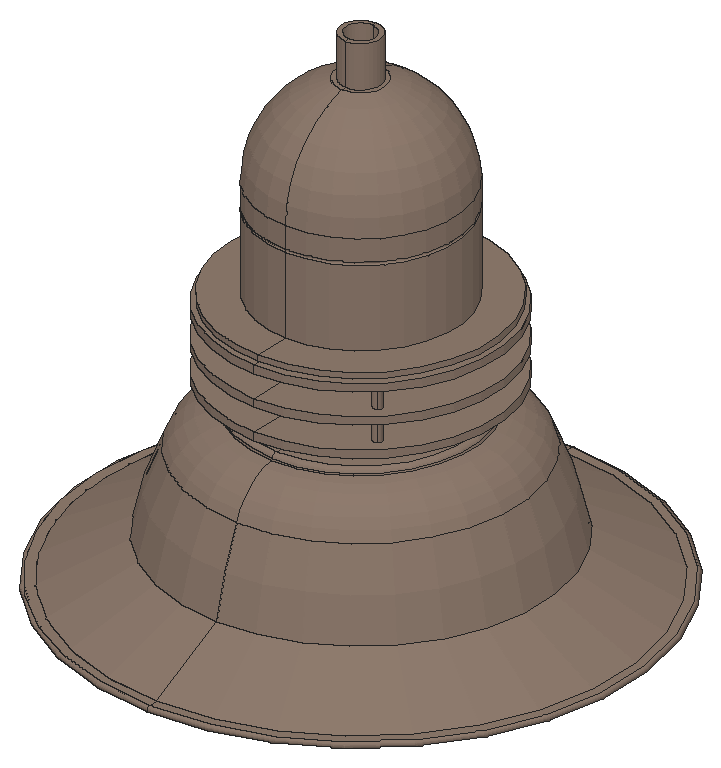
Revit family "BVB3007", category Generic Models, Revit 2014
Parameters
  GLASS = Glass
  FNS = Bronze, Architectural
  DETAIL = Bronze, Architectural
  BELL = Bronze, Architectural
Reference planes (in)
  plane 1 "Center (Front/Back)": y = 0
  plane 2: z = 0
  plane 3 "Center (Left/Right)": x = 0
Forms (in)
  Revolve 1, solid, material "Bronze, Architectural" <- "BELL"
    sketch origin (0, 0, 0) x (0, -1, 0) y (0, 0, 1)
      loop
        line (-1.0625, 27.75966) -> (-1.0625, 25.44612) -> (-0.8125, 25.44612) -> (-0.8125, 27.75966) -> (-1.0625, 27.75966)
      axis (0, 27.75966) -> (0, 25.44612)
    angle from 0 to 360
  Revolve 2, solid, material "Bronze, Architectural" <- "BELL"
    sketch origin (0, 0, 0) x (0, -1, 0) y (0, 0, 1)
      loop
        arc (-5.92201, 9.21506) -> (-6.10931, 9.15268) -> (-6.22181, 8.99045) r 0.31237
        line (-6.22181, 8.99045) -> (-6.2475, 8.90269)
        arc (-6.2475, 8.90269) -> (-7.7727, 8.2268) -> (-8.7465, 6.87225) r 3.18273
        arc (-8.7465, 6.87225) -> (-9.60248, 4.73485) -> (-10.15219, 2.499) r 16.47791
        line (-10.15219, 2.499) -> (-14.33651, 0.31237) -> (-14.83781, 0.31237)
        arc (-14.83781, 0.31237) -> (-14.994, 0.15619) -> (-14.83781, 0) r 0.15619
        line (-14.83781, 0) -> (-14.28149, 0.23535) -> (-10.06763, 2.43741)
        arc (-10.06763, 2.43741) -> (-9.51963, 4.68621) -> (-8.66021, 6.83534) r 16.38416
        arc (-8.66021, 6.83534) -> (-7.69212, 8.17132) -> (-6.17448, 8.81845) r 3.08898
        line (-6.17448, 8.81845) -> (-6.13183, 8.96411)
        arc (-6.13183, 8.96411) -> (-6.0531, 9.07765) -> (-5.92201, 9.12131) r 0.21862
        line (-5.92201, 9.12131) -> (-4.17201, 9.12131) -> (-4.17201, 9.21506) -> (-5.92201, 9.21506)
      axis (0, 9.21506) -> (0, 0)
    angle from 0 to 360
  Revolve 3, solid, material "Bronze, Architectural" <- "BELL"
    sketch origin (0, 0, 0) x (0, -1, 0) y (0, 0, 1)
      loop
        arc (-1.32759, 25.44612) -> (-4.19822, 23.5563) -> (-5.31037, 20.30437) r 5.31037
        line (-5.31037, 20.30437) -> (-5.31037, 19.13297)
        arc (-5.31037, 19.13297) -> (-5.26218, 19.05487) -> (-5.31037, 18.97678) r 0.08737
        line (-5.31037, 18.97678) -> (-5.31037, 14.68162) -> (-7.26272, 14.68162) -> (-7.26272, 14.36925) -> (-4.46662, 14.36925) -> (-4.46662, 14.68162) -> (-5.21662, 14.68162) -> (-5.21662, 18.93185)
        arc (-5.21662, 18.93185) -> (-5.16843, 19.05487) -> (-5.21662, 19.1779) r 0.18112
        line (-5.21662, 19.1779) -> (-5.21662, 20.30437)
        arc (-5.21662, 20.30437) -> (-4.12773, 23.4942) -> (-1.31563, 25.35237) r 5.21662
        line (-1.31563, 25.35237) -> (-0.32759, 25.35237) -> (-0.32759, 25.44612) -> (-1.32759, 25.44612)
      axis (0, 25.44612) -> (0, 14.36925)
    angle from 0 to 360
  Revolve 4, solid, material "Glass" <- "GLASS"
    sketch origin (0, 0, 0) x (0, -1, 0) y (0, 0, 1)
      loop
        line (-5.03314, 9.21506) -> (-4.90814, 9.21506) -> (-4.90814, 14.36925) -> (-5.03314, 14.36925) -> (-5.03314, 9.21506)
      axis (0, 14.36925) -> (0, 9.21506)
    angle from 0 to 360
  Revolve 5, solid, material "Bronze, Architectural" <- "DETAIL"
    sketch origin (0, 6.59799, 0) x (0, -1, 0) y (0, 0, 1)
      loop
        line (0, 13.82259) -> (0, 10.89408) -> (0.23428, 10.89408) -> (0.23428, 13.82259) -> (0, 13.82259)
      axis (0, 13.82259) -> (0, 10.89408)
    angle from 0 to 360
  Revolve 6, solid, material "Bronze, Architectural" <- "FNS"
    sketch origin (0, 0, 0) x (0, -1, 0) y (0, 0, 1)
      loop
        line (-7.497, 14.25211) -> (-7.497, 13.82259) -> (-5.03281, 13.82259) -> (-5.03281, 14.25211) -> (-7.497, 14.25211)
      loop
        line (-7.497, 12.57309) -> (-7.497, 12.14358) -> (-5.03281, 12.14358) -> (-5.03281, 12.57309) -> (-7.497, 12.57309)
      loop
        line (-7.497, 10.89408) -> (-7.497, 10.46456) -> (-5.03281, 10.46456) -> (-5.03281, 10.89408) -> (-7.497, 10.89408)
      axis (0, 14.25211) -> (0, 10.46456)
    angle from 0 to 360
  Revolve 7, solid, material "Bronze, Architectural" <- "DETAIL"
    sketch origin (4.66549, -4.66549, 0) x (-0.707107, 0.707107, 0) y (0, 0, 1)
      loop
        line (0, 13.82259) -> (0, 10.89408) -> (0.23428, 10.89408) -> (0.23428, 13.82259) -> (0, 13.82259)
      axis (0, 13.82259) -> (0, 10.89408)
    angle from 0 to 360
  Revolve 8, solid, material "Bronze, Architectural" <- "DETAIL"
    sketch origin (-4.66549, -4.66549, 0) x (0.707107, 0.707107, 0) y (0, 0, 1)
      loop
        line (0, 13.82259) -> (0, 10.89408) -> (0.23428, 10.89408) -> (0.23428, 13.82259) -> (0, 13.82259)
      axis (0, 13.82259) -> (0, 10.89408)
    angle from 0 to 360
Dimensions and locks (in)
  aligned and locked: plane 2 to level
